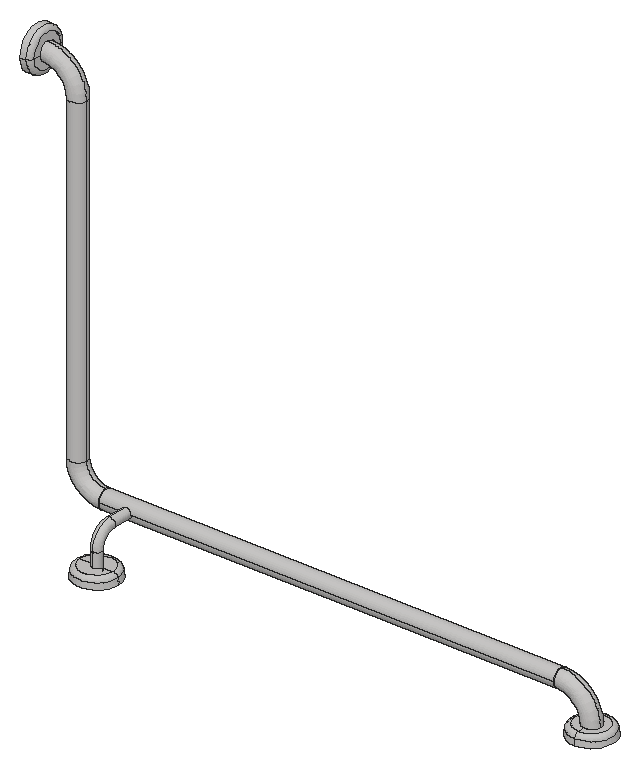
Revit family "8477615440 Virtu Comfort Grab Rail 760x1000mm LH 90° Horizontal", category Plumbing Fixtures, host Face, Revit 2015
Parameters (values of type "Virtu Comfort Grab Rail 760x1000mm LH 90° Horizontal")
  Waste Connection = no
  Vent Connection = no
  URL = "https://www.caroma.com.au/"
  Rail_Height = 73 mm
  Model = "8477615440"
  Material_Base = GWA_Metal-Stainless
  Manufacturer = "GWA Bathrooms & Kitchens"  # constant formula
  HW Connection = no
  Description = "Virtu Comfort Grab Rail 760x1000mm LH 90° Horizontal"
  Default Elevation = 0 mm
  CreatedBy_ANZRS = "GWA Bathrooms & Kitchens"  # constant formula
  CW Connection = no
  Assembly Code = "C1030200"
Reference planes
  plane 1 "Center (Front/Back)": y = 0
  plane 2: z = 0
  plane 3 "Center (Left/Right)": x = 0
  plane 4 "Left": x = 0
  plane 5 "Rail_Centre": z = 73
  plane 6: z = 760
  plane 7: x = 98
  plane 8: x = 927
Forms (mm)
  Sweep 1, solid, material "GWA_Metal-Stainless" <- "Material_Base"
    path origin (-73, 0, -740) x (0, 0, -1) y (-1, 0, 0)
      loop
        line (-1500, 0) -> (-1500, -17)
        arc (-1500, -17) -> (-1483.598, -56.598) -> (-1444, -73) r 56
        line (-1444, -73) -> (-863, -73)
    profile origin (-64.5, 0, 760) x (0, 0, -1) y (0, 1, 0)
      loop
        circle (0, 0) r 16
  Revolve 2, solid, material "GWA_Metal-Stainless" <- "Material_Base"
    sketch origin (300, -80, 0) x (1, 0, 0) y (0, 0, 1)
      loop
        line (-202, 16.9) -> (-202, 18) -> (-231.753, 18)
        arc (-231.753, 18) -> (-237.44, 15.817) -> (-240.206, 10.39) r 8.5
        line (-240.206, 10.39) -> (-241.3, 0) -> (-240.194, 0) -> (-239.112, 10.275)
        arc (-239.112, 10.275) -> (-236.704, 15) -> (-231.753, 16.9) r 7.4
        line (-231.753, 16.9) -> (-202, 16.9)
      axis (-202, 18) -> (-202, 0)
    angle from 0 to 360
  Sweep 3, solid, material "GWA_Metal-Stainless" <- "Material_Base"
    path origin (98, 0, 0) x (0, 1, 0) y (0, 0, 1)
      loop
        line (-80, 0) -> (-80, 43)
        arc (-80, 43) -> (-71.213, 64.213) -> (-50, 73) r 30
        line (-50, 73) -> (0, 73)
    profile origin (98, -80, 21.5) x (0, -1, 0) y (1, 0, 0)
      loop
        circle (0, 0) r 9
  Extrusion 4, solid, material "GWA_Metal-Stainless" <- "Material_Base"
    sketch origin (0, 0, 0) x (0, 1, 0) y (0, 0, 1)
      loop
        circle (0, 73) r 16
    from 50 to 871
  Sweep 5, solid, material "GWA_Metal-Stainless" <- "Material_Base"
    path origin (0, 0, 73) x (-1, 0, 0) y (0, 0, -1)
      loop
        arc (0, -50) -> (-14.645, -14.645) -> (-50, 0) r 50
    profile origin (14.645, 0, 87.645) x (0.707107, 0, 0.707107) y (0, -1, 0)
      loop
        circle (0, 0) r 16
  Revolve 6, solid, material "GWA_Metal-Stainless" <- "Material_Base"
    sketch origin (927, 60, 0) x (0, 1, 0) y (0, 0, -1)
      loop
        line (-43, -16.9) -> (-43, -18) -> (-30.247, -18)
        arc (-30.247, -18) -> (-24.56, -15.817) -> (-21.794, -10.39) r 8.5
        line (-21.794, -10.39) -> (-20.7, 0) -> (-21.806, 0) -> (-22.888, -10.275)
        arc (-22.888, -10.275) -> (-25.296, -15) -> (-30.247, -16.9) r 7.4
        line (-30.247, -16.9) -> (-43, -16.9)
      axis (-60, -18) -> (-60, 0)
    angle from 0 to 360
  Sweep 7, solid, material "GWA_Metal-Stainless" <- "Material_Base"
    path origin (0, 0, 0) x (-1, 0, 0) y (0, 0, -1)
      loop
        line (-927, 0) -> (-927, -17)
        arc (-927, -17) -> (-910.598, -56.598) -> (-871, -73) r 56
    profile origin (927, 0, 8.5) x (-1, 0, 0) y (0, -1, 0)
      loop
        circle (0, 0) r 16
  Revolve 8, solid, material "GWA_Metal-Stainless" <- "Material_Base"
    sketch origin (-73, 60, 760) x (0, 1, 0) y (-1, 0, 0)
      loop
        line (-43, -16.9) -> (-43, -18) -> (-30.247, -18)
        arc (-30.247, -18) -> (-24.56, -15.817) -> (-21.794, -10.39) r 8.5
        line (-21.794, -10.39) -> (-20.7, 0) -> (-21.806, 0) -> (-22.888, -10.275)
        arc (-22.888, -10.275) -> (-25.296, -15) -> (-30.247, -16.9) r 7.4
        line (-30.247, -16.9) -> (-43, -16.9)
      axis (-60, -18) -> (-60, 0)
    angle from 0 to 360
Lines and regions (mm)
  Masking region 1
    outline origin (0, 0, 0) x (0, 1, 0) y (0, 0, 1)
      loop
        line (-71, 18) -> (-71, 43)
        arc (-71, 43) -> (-64.849, 57.849) -> (-50, 64) r 21
        line (-50, 64) -> (-16, 64) -> (-16, 18) -> (-29.755, 18)
        arc (-29.755, 18) -> (-35.442, 15.817) -> (-38.208, 10.388) r 8.5
        line (-38.208, 10.388) -> (-39.3, 0) -> (39.3, 0) -> (38.208, 10.388)
        arc (38.208, 10.388) -> (35.442, 15.817) -> (29.755, 18) r 8.5
        line (29.755, 18) -> (16, 18) -> (16, 724.104)
        arc (16, 724.104) -> (0, 799.3) -> (-16, 724.104) r 39.3
        line (-16, 724.104) -> (-16, 82) -> (-50, 82)
        arc (-50, 82) -> (-77.577, 70.577) -> (-89, 43) r 39
        line (-89, 43) -> (-89, 18) -> (-109.755, 18)
        arc (-109.755, 18) -> (-115.442, 15.817) -> (-118.208, 10.388) r 8.5
        line (-118.208, 10.388) -> (-119.3, 0) -> (-40.7, 0) -> (-41.792, 10.388)
        arc (-41.792, 10.388) -> (-44.558, 15.817) -> (-50.245, 18) r 8.5
        line (-50.245, 18) -> (-71, 18)
  Masking region 2
    outline origin (0, 0, 73) x (1, 0, 0) y (0, 1, 0)
      loop
        line (-73, 39.3) -> (-73, -39.3) -> (-62.612, -38.208)
        arc (-62.612, -38.208) -> (-57.183, -35.442) -> (-55, -29.755) r 8.5
        line (-55, -29.755) -> (-55, -16) -> (89, -16) -> (89, -41.744)
        arc (89, -41.744) -> (98, -119.3) -> (107, -41.744) r 39.3
        line (107, -41.744) -> (107, -16) -> (891.104, -16)
        arc (891.104, -16) -> (966.3, 0) -> (891.104, 16) r 39.3
        line (891.104, 16) -> (-55, 16) -> (-55, 29.755)
        arc (-55, 29.755) -> (-57.183, 35.442) -> (-62.612, 38.208) r 8.5
        line (-62.612, 38.208) -> (-73, 39.3)
  Masking region 3
    outline origin (0, 0, 0) x (1, 0, 0) y (0, 0, -1)
      loop
        arc (50, -57) -> (3.331, -76.331) -> (-16, -123) r 66
        line (-16, -123) -> (-16, -704)
        arc (-16, -704) -> (-27.364, -731.928) -> (-55, -743.987) r 40
        line (-55, -743.987) -> (-55, -730.245)
        arc (-55, -730.245) -> (-57.183, -724.558) -> (-62.612, -721.792) r 8.5
        line (-62.612, -721.792) -> (-73, -720.7) -> (-73, -799.3) -> (-62.612, -798.208)
        arc (-62.612, -798.208) -> (-57.183, -795.442) -> (-55, -789.755) r 8.5
        line (-55, -789.755) -> (-55, -775.993)
        arc (-55, -775.993) -> (-4.736, -754.557) -> (16, -704) r 72
        line (16, -704) -> (16, -123)
        arc (16, -123) -> (25.958, -98.958) -> (50, -89) r 34
        line (50, -89) -> (871, -89)
        arc (871, -89) -> (921.557, -68.264) -> (942.993, -18) r 72
        line (942.993, -18) -> (956.755, -18)
        arc (956.755, -18) -> (962.442, -15.817) -> (965.208, -10.388) r 8.5
        line (965.208, -10.388) -> (966.3, 0) -> (887.7, 0) -> (888.792, -10.388)
        arc (888.792, -10.388) -> (891.558, -15.817) -> (897.245, -18) r 8.5
        line (897.245, -18) -> (910.987, -18)
        arc (910.987, -18) -> (898.928, -45.636) -> (871, -57) r 40
        line (871, -57) -> (107, -57) -> (107, -18) -> (127.755, -18)
        arc (127.755, -18) -> (133.442, -15.817) -> (136.208, -10.388) r 8.5
        line (136.208, -10.388) -> (137.3, 0) -> (58.7, 0) -> (59.792, -10.388)
        arc (59.792, -10.388) -> (62.558, -15.817) -> (68.245, -18) r 8.5
        line (68.245, -18) -> (89, -18) -> (89, -57) -> (50, -57)
  symbolic lines
    curve 1: line (0, -71, 18) -> (0, -89, 18)
    curve 2: line (0, -16, 82) -> (0, -13.229, 82)
    curve 3: line (0, -16, 18) -> (0, 16, 18)
    curve 4: line (-55, 0, 776.013) -> (-55, 0, 744.007)
    curve 5: arc (0, 16, 760) -> (0, 0, 776) -> (0, -16, 760) r 16
    curve 6: arc (0, 16, 754.255) -> (0, 0, 777) -> (0, -16, 754.255) r 17
    curve 7: line (0, 16, 724.104) -> (0, 16, 760)
    curve 8: line (0, -16, 724.104) -> (0, -16, 760)
    curve 9: arc (0, 16, 73) -> (0, 0, 89) -> (0, -16, 73) r 16
    curve 10: line (0, -16, 73) -> (0, -16, 64)
    curve 11: line (89, -41.744, 73) -> (89, -80, 73)
    curve 12: arc (89, -80, 73) -> (98, -89, 73) -> (107, -80, 73) r 9
    curve 13: line (107, -80, 73) -> (107, -41.744, 73)
    curve 14: line (89, -16, 73) -> (107, -16, 73)
    curve 15: arc (944, 0, 40) -> (936.781, 13.904, 40) -> (921.255, 16, 40) r 17
    curve 16: arc (921.255, -16, 40) -> (936.781, -13.904, 40) -> (944, 0, 40) r 17
    curve 17: arc (927, -16, 40) -> (943, 0, 40) -> (927, 16, 40) r 16
    curve 18: arc (921.255, 16, 40) -> (944, 0, 40) -> (921.255, -16, 40) r 17
    curve 19: line (891.104, 16, 73) -> (927, 16, 73)
    curve 20: line (891.104, -16, 73) -> (927, -16, 73)
    curve 21: line (-55, 16, 73) -> (-55, -16, 73)
    curve 22: line (81.987, 0, 18) -> (113.993, 0, 18)
    curve 23: line (107, 0, 57) -> (89, 0, 57)
    curve 24: line (910.987, 0, 18) -> (942.993, 0, 18)
Dimensions and locks
  "Rail_Height": plane 5 "Rail_Centre" to host face
  aligned and locked: plane 2 to host face
  aligned and locked: level to host face
Automatic sketch dimensions
  curve 5 to curve 6 = 0 mm  (x2)
  curve 10 to plane 5 "Rail_Centre" = 0 mm
  curve 8 to plane 6 = 0 mm
  curve 6 to plane 1 "Center (Front/Back)" = 0 mm
  curve 9 to plane 1 "Center (Front/Back)" = 0 mm
  plane 1 "Center (Front/Back)" to curve 8 = 16 mm
  plane 1 "Center (Front/Back)" to curve 10 = 16 mm
  plane 5 "Rail_Centre" to curve 2 = 9 mm
  plane 1 "Center (Front/Back)" to curve 3 = 16 mm
  curve 2 to curve 2 = 2.771 mm
  level to curve 1 = 18 mm
  curve 1 to curve 3 = 55 mm
  curve 1 to curve 1 = 18 mm
  curve 3 to plane 1 "Center (Front/Back)" = 16 mm
  curve 10 to curve 9 = 9 mm
  level to curve 3 = 18 mm
  curve 7 to plane 6 = 35.896 mm
  curve 8 to curve 7 = 0 mm
  curve 6 to plane 6 = 5.745 mm
  host sketch curve to host sketch curve = 2438.4 mm  (x2)
  curve 15 to curve 16 = 0 mm  (x2)
  curve 15 to curve 17 = 0 mm  (x3)
  curve 15 to curve 18 = 0 mm  (x2)
  curve 16 to curve 17 = 0 mm  (x2)
  curve 16 to curve 18 = 0 mm  (x3)
  curve 17 to curve 18 = 0 mm  (x2)
  plane 1 "Center (Front/Back)" to curve 15 = 0 mm
  curve 16 to plane 8 = 0 mm
  plane 8 to curve 16 = 17 mm
  curve 17 to curve 15 = 5.745 mm
  curve 18 to curve 15 = 0 mm  (x2)
  curve 18 to plane 8 = 5.745 mm
  curve 19 to plane 8 = 0 mm
  curve 20 to plane 8 = 0 mm
  curve 12 to plane 7 = 0 mm
  plane 7 to curve 13 = 9 mm
  plane 1 "Center (Front/Back)" to curve 12 = 80 mm
  curve 19 to plane 1 "Center (Front/Back)" = 16 mm
  curve 19 to curve 19 = 35.896 mm
  plane 1 "Center (Front/Back)" to curve 20 = 16 mm
  curve 20 to curve 19 = 0 mm
  plane 7 to curve 14 = 9 mm
  curve 14 to plane 7 = 9 mm
  plane 1 "Center (Front/Back)" to curve 21 = 16 mm
  curve 21 to plane 3 "Center (Left/Right)" = 55 mm
  curve 13 to curve 12 = 38.256 mm
  curve 11 to curve 13 = 0 mm
  plane 1 "Center (Front/Back)" to curve 14 = 16 mm
  curve 21 to plane 1 "Center (Front/Back)" = 16 mm
  Masking region 1 sketch curve to Masking region 1 sketch curve = 0 mm  (x2)
  Masking region 1 sketch curve to level = 0 mm  (x2)
  Masking region 1 sketch curve to plane 1 "Center (Front/Back)" = 0 mm
  Masking region 1 sketch curve to plane 6 = 0 mm
  plane 1 "Center (Front/Back)" to Masking region 1 sketch curve = 16 mm  (x2)
  level to Masking region 1 sketch curve = 9.5 mm
  Masking region 1 sketch curve to Masking region 1 sketch curve = 13.755 mm  (x2)
  level to Masking region 1 sketch curve = 10.388 mm  (x4)
  Masking region 1 sketch curve to Masking region 1 sketch curve = 8.453 mm  (x4)
  Masking region 1 sketch curve to Masking region 1 sketch curve = 1.092 mm  (x3)
  Masking region 1 sketch curve to Masking region 1 sketch curve = 1.4 mm
  Masking region 1 sketch curve to Masking region 1 sketch curve = 3.584 mm
  Masking region 1 sketch curve to plane 5 "Rail_Centre" = 9 mm
  Masking region 1 sketch curve to Masking region 1 sketch curve = 34 mm
  Masking region 1 sketch curve to Masking region 1 sketch curve = 20.755 mm  (x2)
  Masking region 1 sketch curve to Masking region 1 sketch curve = 18 mm
  Masking region 1 sketch curve to plane 1 "Center (Front/Back)" = 16 mm
  Masking region 1 sketch curve to Masking region 1 sketch curve = 0.888 mm  (x3)
  Masking region 1 sketch curve to plane 6 = 35.896 mm
  Sweep 1 sketch curve to plane 6 = 0 mm
  Sweep 1 sketch curve to plane 3 "Center (Left/Right)" = 0 mm
  Sweep 1 sketch curve to Sweep 1 sketch curve = 56 mm
  plane 5 "Rail_Centre" to Sweep 1 sketch curve = 50 mm
  Sweep 1 sketch curve to Sweep 1 sketch curve = 17 mm
  Sweep 1 sketch curve to profile plane = 0 mm  (x2)
  Revolve 2 sketch curve to Revolve 2 sketch curve = 0 mm  (x2)
  Revolve 2 sketch curve to level = 0 mm
  Revolve 2 sketch curve to plane 7 = 0 mm  (x2)
  level to Revolve 2 sketch curve = 9.5 mm
  Revolve 2 sketch curve to plane 7 = 29.753 mm
  level to Revolve 2 sketch curve = 10.275 mm
  Revolve 2 sketch curve to Revolve 2 sketch curve = 7.359 mm
  Revolve 2 sketch curve to Revolve 2 sketch curve = 1.082 mm
  level to Revolve 2 sketch curve = 10.39 mm
  Revolve 2 sketch curve to Revolve 2 sketch curve = 1.094 mm
  Revolve 2 sketch curve to Revolve 2 sketch curve = 1.106 mm
  level to Revolve 2 sketch curve = 7.862 mm
  Revolve 2 sketch curve to Revolve 2 sketch curve = 2.036 mm
  Sweep 3 sketch curve to level = 0 mm
  Sweep 3 sketch curve to plane 5 "Rail_Centre" = 0 mm
  Sweep 3 sketch curve to plane 1 "Center (Front/Back)" = 0 mm
  plane 1 "Center (Front/Back)" to Sweep 3 sketch curve = 50 mm
  Sweep 3 sketch curve to Sweep 3 sketch curve = 30 mm
  Sweep 3 sketch curve to plane 7 = 0 mm
  Sweep 3 sketch curve to profile plane = 0 mm
  Extrusion 4 sketch curve to plane 1 "Center (Front/Back)" = 0 mm
  Extrusion 4 sketch curve to plane 5 "Rail_Centre" = 0 mm
  Sweep 5 sketch curve to plane 5 "Rail_Centre" = 0 mm
  Sweep 5 sketch curve to plane 3 "Center (Left/Right)" = 0 mm
  Sweep 5 sketch curve to plane 7 = 48 mm
  Sweep 5 sketch curve to profile plane = 0 mm  (x2)
  Revolve 6 sketch curve to Revolve 6 sketch curve = 0 mm  (x2)
  Revolve 6 sketch curve to plane 1 "Center (Front/Back)" = 0 mm
  Revolve 6 sketch curve to level = 0 mm
  Revolve 6 sketch curve to plane 1 "Center (Front/Back)" = 17 mm
  Revolve 6 sketch curve to Revolve 6 sketch curve = 12.753 mm
  level to Revolve 6 sketch curve = 10.275 mm
  Revolve 6 sketch curve to Revolve 6 sketch curve = 7.359 mm
  Revolve 6 sketch curve to Revolve 6 sketch curve = 1.082 mm
  level to Revolve 6 sketch curve = 10.39 mm
  Revolve 6 sketch curve to Revolve 6 sketch curve = 1.094 mm
  Revolve 6 sketch curve to Revolve 6 sketch curve = 1.106 mm
  level to Revolve 6 sketch curve = 16.9 mm
  Revolve 6 sketch curve to Revolve 6 sketch curve = 2.036 mm
  level to Revolve 6 sketch curve = 7.862 mm
  Sweep 7 sketch curve to plane 8 = 0 mm
  Sweep 7 sketch curve to plane 5 "Rail_Centre" = 0 mm
  Sweep 7 sketch curve to level = 0 mm
  level to Sweep 7 sketch curve = 17 mm
  Sweep 7 sketch curve to profile plane = 0 mm
  profile plane to Sweep 7 sketch curve = 0 mm
  Revolve 8 sketch curve to Revolve 8 sketch curve = 0 mm  (x2)
  plane 1 "Center (Front/Back)" to Revolve 8 sketch curve = 0 mm
  Revolve 8 sketch curve to plane 1 "Center (Front/Back)" = 17 mm
  Revolve 8 sketch curve to Revolve 8 sketch curve = 12.753 mm
  Revolve 8 sketch curve to Revolve 8 sketch curve = 7.359 mm
  Revolve 8 sketch curve to Revolve 8 sketch curve = 1.082 mm
  Revolve 8 sketch curve to Revolve 8 sketch curve = 1.094 mm
  Revolve 8 sketch curve to Revolve 8 sketch curve = 1.106 mm
  Revolve 8 sketch curve to plane 3 "Center (Left/Right)" = 55 mm
  Revolve 8 sketch curve to Revolve 8 sketch curve = 1.1 mm
  Revolve 8 sketch curve to Revolve 8 sketch curve = 6.51 mm
  Revolve 8 sketch curve to Revolve 8 sketch curve = 10.275 mm
  Revolve 8 sketch curve to Revolve 8 sketch curve = 2.036 mm
  Revolve 8 sketch curve to Revolve 8 sketch curve = 12.173 mm
  Masking region 2 sketch curve to plane 7 = 0 mm
  plane 1 "Center (Front/Back)" to Masking region 2 sketch curve = 0 mm
  Masking region 2 sketch curve to plane 8 = 0 mm
  Masking region 2 sketch curve to plane 7 = 9 mm
  Masking region 2 sketch curve to plane 1 "Center (Front/Back)" = 16 mm
  Masking region 2 sketch curve to plane 3 "Center (Left/Right)" = 55 mm
  Masking region 2 sketch curve to Masking region 2 sketch curve = 0 mm
  Masking region 2 sketch curve to plane 1 "Center (Front/Back)" = 38.208 mm
  Masking region 2 sketch curve to Masking region 2 sketch curve = 7.612 mm  (x2)
  plane 1 "Center (Front/Back)" to Masking region 2 sketch curve = 38.208 mm
  Masking region 2 sketch curve to Masking region 2 sketch curve = 0.888 mm  (x2)
  Masking region 2 sketch curve to Masking region 2 sketch curve = 10.388 mm
  plane 7 to Masking region 2 sketch curve = 9 mm
  Masking region 2 sketch curve to plane 8 = 35.896 mm
  plane 1 "Center (Front/Back)" to Masking region 2 sketch curve = 16 mm
  Masking region 2 sketch curve to Masking region 2 sketch curve = 1.092 mm  (x2)
  Masking region 2 sketch curve to Masking region 2 sketch curve = 25.744 mm
  Masking region 2 sketch curve to Masking region 2 sketch curve = 38.256 mm
  Masking region 2 sketch curve to Masking region 2 sketch curve = 13.755 mm
  Masking region 3 sketch curve to Masking region 3 sketch curve = 0 mm  (x8)
  Masking region 3 sketch curve to level = 0 mm  (x2)
  Masking region 3 sketch curve to plane 3 "Center (Left/Right)" = 73 mm
  Masking region 3 sketch curve to Masking region 3 sketch curve = 9.5 mm  (x2)
  plane 6 to Masking region 3 sketch curve = 38.208 mm
  Masking region 3 sketch curve to Masking region 3 sketch curve = 0.888 mm  (x2)
  Masking region 3 sketch curve to plane 6 = 38.208 mm
  Masking region 3 sketch curve to Masking region 3 sketch curve = 6.612 mm
  Masking region 3 sketch curve to Masking region 3 sketch curve = 8.5 mm  (x2)
  Masking region 3 sketch curve to plane 3 "Center (Left/Right)" = 16 mm
  plane 3 "Center (Left/Right)" to Masking region 3 sketch curve = 16 mm
  Masking region 3 sketch curve to Masking region 3 sketch curve = 34 mm
  Masking region 3 sketch curve to plane 7 = 39.3 mm
  level to Masking region 3 sketch curve = 10.388 mm  (x4)
  Masking region 3 sketch curve to Masking region 3 sketch curve = 1.092 mm  (x6)
  Masking region 3 sketch curve to Masking region 3 sketch curve = 8.453 mm  (x4)
  Masking region 3 sketch curve to plane 7 = 9 mm
  plane 7 to Masking region 3 sketch curve = 9 mm
  level to Masking region 3 sketch curve = 9.5 mm
  Masking region 3 sketch curve to Masking region 3 sketch curve = 20.755 mm
  plane 5 "Rail_Centre" to Masking region 3 sketch curve = 16 mm
  Masking region 3 sketch curve to plane 8 = 56 mm
  Masking region 3 sketch curve to Masking region 3 sketch curve = 16.7 mm
  Masking region 3 sketch curve to Masking region 3 sketch curve = 13.742 mm
  plane 8 to Masking region 3 sketch curve = 15.993 mm
  Masking region 3 sketch curve to Masking region 3 sketch curve = 13.762 mm  (x2)
  Masking region 3 sketch curve to Masking region 3 sketch curve = 7.612 mm
  curve 4 to plane 6 = 15.993 mm
  curve 4 to plane 7 = 153 mm
  curve 22 to plane 7 = 16.013 mm
  curve 23 to plane 7 = 9 mm
  plane 7 to curve 23 = 9 mm
  plane 7 to curve 22 = 15.993 mm
  curve 24 to plane 8 = 16.013 mm
  plane 8 to curve 24 = 15.993 mm
  curve 23 to plane 5 "Rail_Centre" = 16 mm
  level to curve 24 = 18 mm
  level to curve 22 = 18 mm
  plane 6 to curve 4 = 16.013 mm
  radius of Sweep 1 sketch curve = 16 mm
  radius of Sweep 3 sketch curve = 9 mm
  radius of Extrusion 4 sketch curve = 16 mm
  radius of Sweep 5 sketch curve = 16 mm
  radius of Sweep 7 sketch curve = 16 mm
